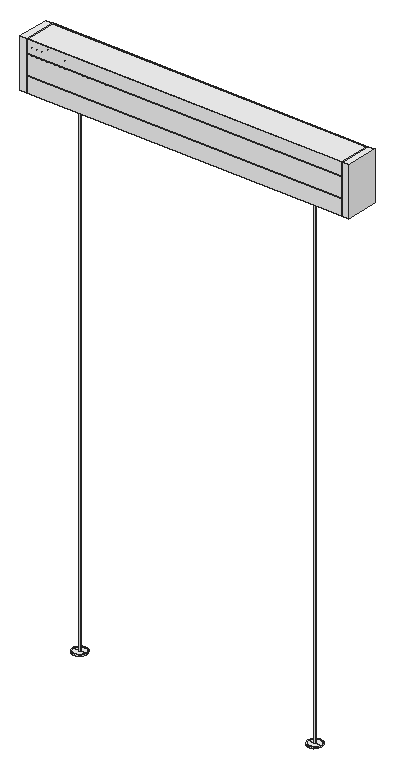
Revit family "2.3 inch  MAGIC WALL WASH LINEAR LIGHT", category Lighting Fixtures, host Face, Revit 2020 (continued)
Types (17): name | Wattage Comments | Wattage | Wall Mount | Suspenders Distance | Surface Mount | Recessed Mount | Photometric Web File | Pendent Mount | Order number | built-in parameter 1150142 | Model | built-in parameter 1150105 | Lumens | Light Source Height | Light Source Distance | built-in parameter 1150106 | Fixture Length
    037.14  1020.53  1003.73  986.90   \r\n 970.03   953.12   936.17   919.18   902.15   885.09   867.98   850.84   833.66   816.44   \r\n 799.19   781.93   764.93   748.38   731.77   715.08   698.34   681.53   664.66   647.72   \r\n 630.73   613.68   596.57   579.40   562.18   544.91   527.58   510.20   492.77   475.26   \r\n 457.68   440.06   422.40   404.72   386.99   369.24   351.45   333.64   315.79   297.92   \r\n 280.02   262.29   253.54   244.80   236.06   227.33   218.60   209.88   201.16   192.45   \r\n 183.74   175.04   166.34   157.64   148.95   140.26   131.58   122.89   114.22   105.54   \r\n 96.86    88.19    79.52    70.85    62.18    53.52    44.85    36.19    27.52    18.86    \r\n 10.19    9.97     9.75     9.53     9.31     9.09     8.87     8.65     8.43     8.20     \r\n 7.98     7.76     7.54     7.32     7.10     6.88     6.66     6.44     6.22     6.00     \r\n 5.78     5.56     5.34     5.12     4.90     4.69     4.47     4.25     4.04     3.82     \r\n 3.87     3.92     3.96     4.01     4.06     4.11     4.16     4.21     4.25     4.30     \r\n 4.35     4.40     4.44     4.49     4.54     4.58     4.63     4.68     4.72     4.77     \r\n 4.81     4.86     4.90     4.95     4.99     5.03     5.08     5.12     5.16     5.17     \r\n 5.16     5.15     5.14     5.13     5.12     5.10     5.09     5.08     5.07     5.06     \r\n 5.05     5.04     5.04     5.03     5.01     5.00     4.99     4.98     4.97     4.96     \r\n 4.95     4.94     4.93     4.93     4.92     4.92     4.91     4.91     4.90     4.87     \r\n 4.84     4.81     4.78     4.75     4.72     4.69     4.66     4.64     4.62     4.59     \r\n 4.57     4.55     4.53     4.51     4.48     4.46     4.44     4.42     4.40     4.38     \r\n 4.36     4.35     4.33     4.31     4.30     4.28     4.27     4.25     4.24     4.23     \r\n 4.21     4.20     4.19     4.18     4.16     4.15     4.14     4.13     4.11     4.10     \r\n 4.09     4.08     4.07     4.06     4.04     4.03     4.02     4.01     4.00     4.00     \r\n 3.99     3.98     3.97     3.96     3.95     3.95     3.94     3.93     3.92     3.92     \r\n 3.92     3.93     3.94     3.95     3.96     3.97     3.98     3.99     4.00     4.01     \r\n 4.01     4.02     4.03     4.04     4.04     4.05     4.07     4.08     4.10     4.11     \r\n 4.12     4.13     4.15     4.16     4.18     4.19     4.20     4.22     4.23     4.25     \r\n 4.26     \r\n1793.11  1795.21  1797.29  1799.35  1801.40  1803.42  1805.37  1807.02  1808.67  1810.31  \r\n 1811.94  1813.57  1815.12  1816.48  1817.82  1819.16  1820.50  1821.83  1823.07  1824.17  \r\n 1825.28  1826.38  1827.48  1828.58  1829.60  1830.56  1831.52  1832.49  1833.46  1834.45  \r\n 1835.30  1836.00  1835.77  1831.01  1826.22  1821.41  1816.51  1811.49  1806.44  1801.37  \r\n 1796.28  1791.17  1786.01  1780.75  1775.46  1770.16  1764.82  1759.47  1754.09  1748.18  \r\n 1742.25  1736.34  1730.42  1724.51  1718.60  1712.90  1707.37  1701.82  1696.26  1690.68  \r\n 1685.09  1679.48  1673.16  1666.81  1656.35  1645.24  1634.10  1622.93  1611.82  1601.02  \r\n 1590.16  1579.24  1568.25  1557.22  1546.12  1534.90  1523.25  1511.56  1499.83  1488.06  \r\n 1476.25  1464.39  1452.49  1440.64  1428.79  1416.91  1404.99  1393.04  1381.06  1369.05  \r\n 1357.00  1344.53  1331.99  1319.40  1305.06  1288.47  1271.83  1255.14  1238.39  1221.58  \r\n 1204.70  1187.75  1170.74  1153.67  1136.53  1119.32  1102.05  1084.72  1067.15  1049.39  \r\n 1031.55  1013.63  995.63   977.55   959.39   941.16   922.85   904.47   885.84   866.98   \r\n 848.02   828.98   809.86   790.66   772.07   753.51   734.96   716.40   697.85   679.29   \r\n 660.48   641.62   622.80   604.02   585.27   566.56   547.89   529.24   510.63   492.05   \r\n 473.50   454.98   436.49   418.03   399.59   381.14   362.73   344.36   326.05   307.78   \r\n 289.55   271.37   255.74   247.07   238.40   229.73   221.05   212.38   203.69   195.01   \r\n 186.32   177.63   168.94   160.24   151.54   142.84   134.14   125.44   116.73   108.02   \r\n 99.31    90.60    81.88    73.16    64.45    55.73    47.01    38.29    29.56    20.84    \r\n 12.12    11.83    11.54    11.25    10.96    10.67    10.37    10.08    9.79     9.50     \r\n 9.21     8.91     8.62     8.33     8.04     7.75     7.46     7.17     6.88     6.59     \r\n 6.31     6.02     5.73     5.45     5.17     4.88     4.60     4.32     4.04     4.01     \r\n 4.07     4.12     4.17     4.23     4.28     4.33     4.38     4.43     4.47     4.52     \r\n 4.56     4.61     4.65     4.69     4.73     4.77     4.81     4.85     4.89     4.93     \r\n 4.96     5.00     5.05     5.09     5.14     5.19     5.24     5.29     5.28     5.28     \r\n 5.28     5.28     5.27     5.27     5.27     5.26     5.26     5.26     5.25     5.25     \r\n 5.24     5.23     5.23     5.22     5.21     5.20     5.19     5.17     5.16     5.15     \r\n 5.14     5.13     5.11     5.10     5.08     5.06     5.05     5.01     4.96     4.92     \r\n 4.87     4.83     4.79     4.75     4.71     4.67     4.63     4.59     4.56     4.52     \r\n 4.49     4.46     4.43     4.40     4.37     4.34     4.31     4.28     4.26     4.23     \r\n 4.21     4.18     4.16     4.14     4.12     4.10     4.09     4.07     4.06     4.05     \r\n 4.04     4.02     4.01     4.00     3.98     3.97     3.96     3.95     3.94     3.93     \r\n 3.92     3.91     3.90     3.89     3.88     3.87     3.87     3.86     3.85     3.84     \r\n 3.84     3.83     3.82     3.82     3.81     3.80     3.80     3.80     3.79     3.80     \r\n 3.81     3.82     3.84     3.85     3.86     3.87     3.88     3.90     3.91     3.92     \r\n 3.94     3.95     3.97     3.98     3.99     4.00     4.01     4.02     4.03     4.05     \r\n 4.07     4.08     4.10     4.12     4.14     4.16     4.18     4.20     4.22     4.24     \r\n 4.26     \r\n1793.11  1796.46  1799.80  1803.11  1806.40  1809.54  1812.36  1815.17  1817.98  1820.78  \r\n 1823.40  1825.85  1828.31  1830.75  1833.19  1835.41  1837.56  1839.71  1841.87  1844.02  \r\n 1845.95  1847.89  1849.84  1851.81  1853.73  1855.43  1857.12  1858.79  1860.45  1862.03  \r\n 1863.45  1864.85  1866.24  1867.29  1863.29  1859.20  1855.07  1850.93  1846.75  1842.08  \r\n 1837.03  1831.97  1826.93  1821.89  1817.19  1812.76  1808.31  1803.85  1799.37  1794.50  \r\n 1789.17  1783.82  1778.43  1773.02  1767.74  1762.80  1757.85  1752.90  1747.93  1742.92  \r\n 1737.21  1731.51  1725.80  1720.08  1714.37  1708.64  1698.03  1687.37  1676.68  1665.94  \r\n 1655.14  1644.09  1632.97  1621.78  1610.52  1599.19  1587.62  1575.82  1563.99  1552.13  \r\n 1540.24  1528.32  1516.30  1504.19  1492.04  1479.85  1467.62  1455.34  1443.01  1430.59  \r\n 1418.10  1405.54  1392.92  1380.23  1367.47  1354.59  1339.89  1322.06  1304.02  1285.78  \r\n 1267.33  1248.46  1228.65  1208.66  1188.49  1168.14  1147.61  1126.91  1106.03  1084.60  \r\n 1062.97  1041.18  1019.23  997.11   974.84   952.41   929.82   906.80   883.69   860.50   \r\n 837.23   813.87   790.44   766.92   743.33   720.93   702.51   684.24   666.12   648.15   \r\n 630.31   612.62   595.06   577.64   560.35   543.18   526.08   509.07   492.19   475.42   \r\n 458.77   442.22   425.79   409.45   393.22   377.08   361.03   345.08   329.21   313.40   \r\n 297.63   281.93   266.29   252.70   243.81   234.92   226.03   217.16   208.29   199.43   \r\n 190.57   181.72   172.88   164.04   155.21   146.38   137.55   128.73   119.91   111.10   \r\n 102.29   93.48    84.67    75.87    67.06    58.26    49.46    40.66    31.86    23.06    \r\n 14.26    13.89    13.52    13.14    12.77    12.40    12.03    11.65    11.28    10.91    \r\n 10.53    10.16    9.79     9.41     9.04     8.67     8.30     7.93     7.56     7.19     \r\n 6.82     6.45     6.09     5.72     5.36     5.00     4.64     4.28     4.22     4.28     \r\n 4.34     4.41     4.47     4.53     4.59     4.65     4.71     4.77     4.83     4.89     \r\n 4.95     5.01     5.07     5.13     5.19     5.24     5.30     5.36     5.41     5.47     \r\n 5.52     5.58     5.63     5.69     5.74     5.79     5.79     5.77     5.76     5.74     \r\n 5.72     5.70     5.68     5.66     5.65     5.63     5.61     5.59     5.58     5.56     \r\n 5.54     5.53     5.51     5.49     5.48     5.46     5.45     5.43     5.42     5.40     \r\n 5.39     5.37     5.36     5.34     5.33     5.29     5.23     5.17     5.11     5.05     \r\n 5.00     4.94     4.89     4.83     4.78     4.73     4.68     4.63     4.58     4.53     \r\n 4.49     4.44     4.39     4.35     4.31     4.26     4.22     4.18     4.14     4.10     \r\n 4.06     4.02     3.99     3.95     3.92     3.88     3.87     3.86     3.85     3.84     \r\n 3.83     3.82     3.81     3.80     3.79     3.78     3.77     3.76     3.76     3.75     \r\n 3.74     3.74     3.73     3.72     3.72     3.71     3.70     3.70     3.69     3.69     \r\n 3.68     3.68     3.67     3.67     3.67     3.67     3.66     3.66     3.68     3.69     \r\n 3.71     3.72     3.74     3.75     3.77     3.78     3.80     3.81     3.83     3.85     \r\n 3.86     3.88     3.89     3.91     3.93     3.95     3.97     3.98     3.99     4.01     \r\n 4.02     4.04     4.06     4.08     4.11     4.13     4.16     4.18     4.21     4.23     \r\n 4.26     \r\n1793.11  1797.69  1802.25  1806.79  1811.30  1815.26  1819.22  1823.17  1827.12  1830.66  \r\n 1834.21  1837.74  1841.27  1844.45  1847.63  1850.81  1854.00  1856.90  1859.80  1862.73  \r\n 1865.66  1868.36  1871.03  1873.68  1876.32  1878.74  1881.11  1883.45  1885.79  1887.94  \r\n 1890.05  1892.15  1894.25  1895.60  1896.54  1894.33  1890.17  1886.47  1883.14  1879.80  \r\n 1876.44  1872.75  1868.47  1864.15  1859.80  1855.47  1851.53  1847.58  1843.63  1839.67  \r\n 1834.91  1830.02  1825.14  1820.25  1815.61  1811.15  1806.62  1802.01  1797.27  1792.04  \r\n 1786.81  1781.58  1776.35  1770.72  1764.83  1758.88  1752.88  1746.83  1737.71  1726.71  \r\n 1715.66  1704.57  1693.53  1682.57  1671.52  1660.38  1649.17  1637.55  1625.73  1613.85  \r\n 1601.93  1589.96  1577.49  1564.74  1551.85  1538.83  1525.67  1511.96  1497.94  1483.79  \r\n 1469.52  1455.14  1440.17  1424.42  1408.45  1392.28  1375.89  1359.30  1341.11  1318.36  \r\n 1294.39  1270.38  1246.32  1221.90  1196.35  1170.88  1145.48  1120.16  1094.91  1069.73  \r\n 1044.57  1019.52  994.58   969.76   945.04   920.44   896.18   872.18   848.28   824.47   \r\n 800.77   777.15   753.64   730.25   706.99   683.84   660.79   638.73   622.67   606.72   \r\n 590.87   575.24   559.79   544.42   529.12   513.89   498.74   483.65   468.63   453.68   \r\n 438.82   424.08   409.38   394.74   380.14   365.59   351.08   336.61   322.19   307.81   \r\n 293.47   279.16   264.89   250.65   237.15   228.49   219.86   211.25   202.65   194.07   \r\n 185.50   176.95   168.41   159.89   151.38   142.88   134.39   125.92   117.45   108.99   \r\n 100.54   92.10    83.66    75.23    66.80    58.37    49.95    41.54    33.12    24.70    \r\n 16.29    15.83    15.38    14.92    14.46    14.00    13.55    13.09    12.63    12.17    \r\n 11.71    11.25    10.80    10.34    9.88     9.42     8.97     8.51     8.06     7.61     \r\n 7.16     6.71     6.26     5.81     5.37     4.93     4.49     4.49     4.56     4.63     \r\n 4.71     4.78     4.85     4.92     4.99     5.06     5.13     5.20     5.26     5.33     \r\n 5.40     5.46     5.53     5.59     5.65     5.71     5.78     5.84     5.90     5.96     \r\n 6.02     6.08     6.14     6.20     6.19     6.18     6.16     6.14     6.12     6.11     \r\n 6.09     6.07     6.05     6.03     6.01     6.00     5.98     5.96     5.94     5.92     \r\n 5.90     5.88     5.86     5.84     5.82     5.80     5.78     5.75     5.73     5.71     \r\n 5.69     5.66     5.63     5.55     5.47     5.40     5.32     5.24     5.17     5.10     \r\n 5.03     4.97     4.91     4.85     4.79     4.73     4.68     4.62     4.57     4.52     \r\n 4.46     4.41     4.36     4.31     4.26     4.21     4.16     4.11     4.07     4.02     \r\n 3.98     3.94     3.90     3.86     3.83     3.81     3.78     3.75     3.73     3.71     \r\n 3.69     3.67     3.65     3.63     3.61     3.60     3.58     3.57     3.57     3.56     \r\n 3.56     3.55     3.55     3.54     3.54     3.53     3.53     3.53     3.53     3.53     \r\n 3.53     3.53     3.53     3.52     3.52     3.53     3.53     3.55     3.57     3.59     \r\n 3.61     3.62     3.64     3.66     3.68     3.70     3.72     3.74     3.76     3.77     \r\n 3.79     3.81     3.83     3.85     3.87     3.89     3.91     3.94     3.96     3.98     \r\n 3.99     4.01     4.02     4.05     4.08     4.10     4.13     4.16     4.20     4.23     \r\n 4.26     \r\n1793.11  1798.89  1804.64  1810.37  1815.75  1820.82  1825.89  1830.95  1835.55  1840.15  \r\n 1844.75  1849.12  1853.30  1857.48  1861.65  1865.48  1869.32  1873.19  1876.94  1880.56  \r\n 1884.17  1887.76  1891.08  1894.37  1897.65  1900.77  1903.74  1906.70  1909.66  1911.57  \r\n 1913.32  1915.03  1917.00  1919.52  1922.05  1924.60  1926.43  1924.27  1920.99  1917.73  \r\n 1914.78  1911.83  1908.88  1905.38  1901.32  1897.26  1893.21  1889.92  1886.73  1883.47  \r\n 1880.01  1875.57  1871.13  1866.69  1862.12  1857.28  1852.37  1847.41  1842.27  1837.00  \r\n 1831.70  1826.37  1821.17  1816.04  1810.92  1805.79  1800.09  1794.21  1788.31  1782.38  \r\n 1776.48  1767.30  1756.20  1744.94  1732.84  1720.41  1707.83  1695.10  1682.04  1668.65  \r\n 1654.98  1641.03  1626.37  1610.82  1594.91  1578.65  1561.85  1543.35  1524.39  1504.99  \r\n 1485.14  1464.67  1443.66  1422.17  1400.21  1377.82  1355.39  1332.55  1309.28  1285.60  \r\n 1261.43  1236.76  1211.47  1186.10  1160.88  1135.77  1110.78  1085.98  1061.36  1036.94  \r\n 1012.72  988.81   965.10   941.58   918.26   895.12   872.19   849.46   826.92   804.57   \r\n 782.41   760.43   738.60   716.93   695.42   674.08   652.91   631.89   611.04   590.38   \r\n 573.41   558.67   544.00   529.39   514.85   500.37   485.93   471.56   457.25   443.00   \r\n 428.82   414.69   400.63   386.62   372.70   358.85   345.04   331.26   317.52   303.82   \r\n 290.14   276.50   262.88   249.30   235.74   222.21   212.66   204.39   196.15   187.92   \r\n 179.71   171.52   163.35   155.20   147.06   138.94   130.83   122.73   114.65   106.57   \r\n 98.51    90.46    82.41    74.37    66.34    58.31    50.28    42.26    34.24    26.22    \r\n 18.20    17.66    17.11    16.57    16.02    15.47    14.92    14.37    13.83    13.28    \r\n 12.73    12.18    11.63    11.09    10.54    10.00    9.45     8.91     8.37     7.83     \r\n 7.30     6.76     6.23     5.70     5.17     4.79     4.87     4.94     5.02     5.09     \r\n 5.17     5.24     5.32     5.39     5.46     5.53     5.60     5.67     5.74     5.80     \r\n 5.87     5.94     6.00     6.06     6.13     6.19     6.25     6.31     6.38     6.44     \r\n 6.50     6.53     6.51     6.49     6.48     6.47     6.45     6.44     6.42     6.40     \r\n 6.39     6.37     6.36     6.34     6.33     6.31     6.29     6.28     6.26     6.24     \r\n 6.23     6.21     6.19     6.16     6.14     6.12     6.10     6.07     6.05     6.00     \r\n 5.91     5.82     5.74     5.65     5.57     5.49     5.41     5.33     5.25     5.17     \r\n 5.10     5.02     4.95     4.87     4.80     4.73     4.66     4.59     4.52     4.45     \r\n 4.38     4.31     4.24     4.18     4.12     4.07     4.01     3.96     3.92     3.88     \r\n 3.85     3.82     3.78     3.75     3.72     3.69     3.66     3.63     3.61     3.58     \r\n 3.56     3.54     3.52     3.50     3.48     3.46     3.45     3.43     3.42     3.41     \r\n 3.39     3.39     3.38     3.37     3.37     3.37     3.36     3.36     3.36     3.36     \r\n 3.36     3.36     3.37     3.37     3.38     3.40     3.43     3.45     3.47     3.49     \r\n 3.51     3.53     3.56     3.58     3.60     3.62     3.64     3.66     3.68     3.71     \r\n 3.73     3.75     3.77     3.79     3.82     3.84     3.86     3.89     3.91     3.94     \r\n 3.97     3.98     4.00     4.01     4.05     4.08     4.11     4.15     4.19     4.22     \r\n 4.26     \r\n1793.11  1800.04  1806.94  1813.82  1820.05  1826.20  1832.34  1838.08  1843.71  1849.33  \r\n 1854.63  1859.78  1864.93  1869.85  1874.59  1879.35  1884.04  1888.58  1893.11  1897.54  \r\n 1901
